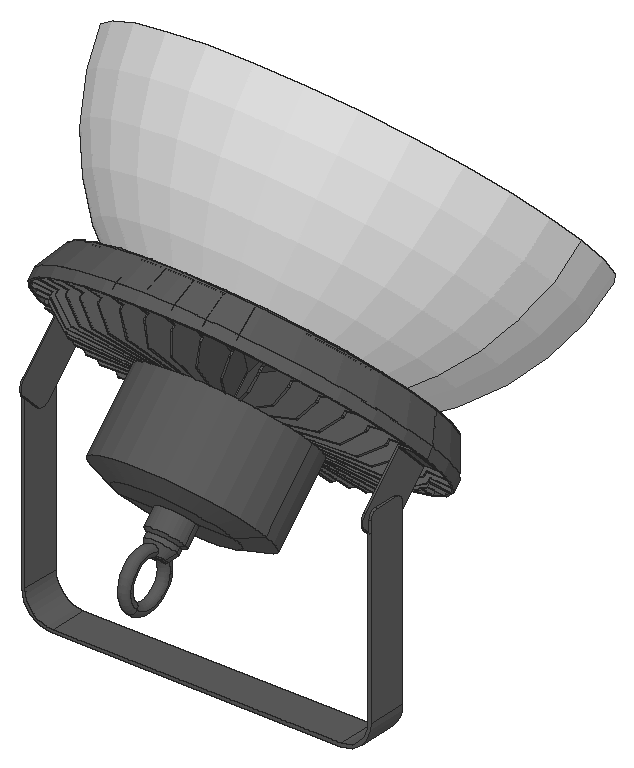
Revit family "0039349+0039355+0039359 Feilo Sylvania Lighting Fixture START HIGHBAY 4K 26KLM WIDE with BRACKET and ALU SHADE ALU COLOR", category Lighting Fixtures, host Face, Revit 2017
Family settings
  Host = Face
  Round Connector Dimension = Use Diameter
  Part Type = Normal
  OmniClass Number = 23.80.70.00
  OmniClass Title = Lighting
  Cut with Voids When Loaded = No
  Light Source = No
  Shared = No
  Room Calculation Point = No
Parameters (values of type "0039349+0039355+0039359 START HIGHBAY 4K 26KLM WIDE with BRACKET and ALU SHADE ALU COLOR")
  Weight = "3.7 kg"
  Wattage Comments = ""
  WarrantyStartDate [instance] = "n/a"
  WarrantyGuarantorParts = "n/a"
  WarrantyDurationUnit = "n/a"
  WarrantyDurationParts = "n/a"
  WarrantyDescription = "n/a"
  Voltage = 230 V
  URL = "http://www.sylvania-lighting.com"
  TypeName = "START HIGHBAY 4K 26KLM WIDE with BRACKET and ALU SHADE ALU COLOR"
  TypeHead_FEILO = Start LED Highbay Head : 0039349+0039355+0039359 START HIGHBAY 4K 26KLM WIDE with BRACKET and ALU SHADE ALU COLOR
  Type Image = <None>
  Type Comments = "n/a"
  TiltAngle_FEILO [instance] = 45.00°
  ThicknessBracketPlate_FEILO = 3 mm
  SizeBracketS_FEILO = no
  SizeBracketM_FEILO = no
  SerialNumber [instance] = "n/a"
  RadiusBracketTop_FEILO = 7 mm
  RadiusBendOut_FEILO = if(SizeBracketS_FEILO, 18 mm, if(SizeBracketM_FEILO, 24 mm, 28 mm))  # 28 mm
  RadiusBendIn_FEILO = RadiusBendOut_FEILO - ThicknessBracketPlate_FEILO  # 25 mm
  Material_3_FEILO = none
  PowerFactor = 0.95
  PowerConsumption = "200 W"
  NominalLength = 339 mm
  NominalHeight = 194 mm
  NominalDepth = 339 mm
  Name = "START HIGHBAY 4K 26KLM WIDE with BRACKET and ALU SHADE ALU COLOR"
  ModelReference = Name  # "START HIGHBAY 4K 26KLM WIDE with BRACKET and ALU SHADE ALU COLOR"
  ModelNumber = "0039349+0039355+0039359"
  Model = Name  # "START HIGHBAY 4K 26KLM WIDE with BRACKET and ALU SHADE ALU COLOR"
  Material = "aluminium alloy housing, polycarbonate diffuser"
  ManufacturerName = "Feilo Sylvania"
  Manufacturer = "Feilo Sylvania"
  LuminousEfficacy = "130 lm/W"
  LuminaireType = ""
  LightOutputRatio = "n/a"
  LampsType = Lamp  # "LED"
  LampNominalLuminous = "26000 lm"
  LampMacAdamStep = "n/a"
  LampColourTemperature = "4000 K"
  LampColourRenderingIndex = "80"
  Lamp = "LED"
  Keynote = "16500"
  InstallationDate [instance] = "n/a"
  InputVoltage = "220-240V~"
  InputNominalFrequency = "50/60 Hz"
  IngressProtection = "IP65"
  ImpactProtectionIndex = "IK08"
  IfcExportType = "IfcLightFixtureType"
  IfcExportAs = "IfcLightFixtureType"
  ExpectedLife = 50000
  EndAngle_FEILO [instance] = TiltAngle_FEILO + 180.00°  # 225.00°
  ElectricShockClassification = "Class I"
  DurationUnit = "hours"
  DocumentationLiterature = "http://www.sylvania-lighting.com/product/en-int/products/0039349"
  DimmingControlOptions = "n/a"
  Material_2_FEILO = none
  Description = "START HIGHBAY, includes 1 m cables, black aluminium housing, 26000LM, 200W, 130lm/W, 4000K, Driver current: 5000mA, CR80, 90° beam angle, 1-10V dimmable,  IP65, IK08, 50,000 hrs (L70B50), (LxWxH) 339x339x194mm"
  Default Elevation = 1219.2 mm
  CreatedOn = "2/28/2018"
  CreatedBy = ""
  Cost = 0
  built-in parameter 1114216 [instance] = (empty or 0)
  ClassificationValue = "EF_70_80"
  ClassificationName = "Uniclass2015"
  Material_1_FEILO = Body-Sylvania-StartHighbay-Black
  BracketHeight_FEILO = if(SizeBracketS_FEILO, 199.5 mm, if(SizeBracketM_FEILO, 209.6 mm, 201.3 mm))  # 201.3 mm
  BracketDistanceInner_FEILO = if(SizeBracketS_FEILO, 249.4 mm, if(SizeBracketM_FEILO, 273.6 mm, 313.2 mm))  # 313.2 mm
  BarCode [instance] = "n/a"
  AssetType = "Fixed"
  AssetIdentifier [instance] = "n/a"
  Assembly Code = "D5020200"
  Apparent Load = 200 VA
  Material_4_FEILO = none
Reference planes
  plane 1 "Center (Front/Back)": y = 0
  plane 2: z = 0
  plane 3 "Center (Left/Right)": x = 0
  plane 4: x = -159.6
  plane 5: x = 159.6
  plane 6: z = 201.3
  plane 7: x = -156.6
  plane 8: z = 3
  plane 9: x = 156.6
  plane 10: y = 17.5
  plane 11: y = -17.5
  plane 12: y = -19.5
  plane 13: z = 203.3
  plane 14: y = 19.5
  plane 15: z = 192.3
Forms (mm)
  Extrusion 1, solid, material "Body-Sylvania-StartHighbay-Black" <- "Material_1_FEILO"
    sketch origin (0, 0, 0) x (1, 0, 0) y (0, 0, 1)
      loop
        line (-159.6, 201.3) -> (-159.6, 28)
        arc (-159.6, 28) -> (-151.399, 8.201) -> (-131.6, 0) r 28
        line (-131.6, 0) -> (131.6, 0)
        arc (131.6, 0) -> (151.399, 8.201) -> (159.6, 28) r 28
        line (159.6, 28) -> (159.6, 201.3) -> (156.6, 201.3) -> (156.6, 28)
        arc (156.6, 28) -> (149.278, 10.322) -> (131.6, 3) r 25
        line (131.6, 3) -> (-131.6, 3)
        arc (-131.6, 3) -> (-149.278, 10.322) -> (-156.6, 28) r 25
        line (-156.6, 28) -> (-156.6, 201.3) -> (-159.6, 201.3)
    from -17.5 to 17.5
  Extrusion 2, void
    sketch origin (0, 0, 0) x (0, 1, 0) y (0, 0, 1)
      loop
        arc (10.5, 201.3) -> (15.45, 199.25) -> (17.5, 194.3) r 7
        line (17.5, 194.3) -> (19.5, 194.3) -> (19.5, 203.3) -> (-19.5, 203.3) -> (-19.5, 194.3) -> (-17.5, 194.3)
        arc (-17.5, 194.3) -> (-15.45, 199.25) -> (-10.5, 201.3) r 7
        line (-10.5, 201.3) -> (10.5, 201.3)
    from -159.6 to 159.6
  Revolve 3, solid, not visible
    sketch origin (1223.4, -4572, 192.3) x (0, -1, 0) y (1, 0, 0)
      loop
        line (-4572, -1223.4) -> (-4591.5, -1223.4) -> (-4591.5, -1277.783) -> (-4572, -1277.783) -> (-4572, -1223.4)
      axis (-4572, -1223.4) -> (-4572, -1277.783)
    angle from 45 <- "TiltAngle_FEILO" to 225 <- "EndAngle_FEILO"
Cuts and joins
  Extrusion 2 cuts Extrusion 1
Dimensions and locks
  "BracketHeight_FEILO": plane 6 to plane 2
  equal spacing: plane 11, plane 1 "Center (Front/Back)", plane 10
  locked: plane 11 to plane 10 at 35
  equal spacing: plane 9, plane 3 "Center (Left/Right)", plane 7
  "BracketDistanceInner_FEILO": plane 9 to plane 7
  "ThicknessBracketPlate_FEILO": plane 7 to plane 4
  "ThicknessBracketPlate_FEILO": plane 8 to plane 2
  equal spacing: plane 5, plane 3 "Center (Left/Right)", plane 4
  equal spacing: plane 12, plane 1 "Center (Front/Back)", plane 14
  locked: plane 6 to plane 13 at 2
  locked: plane 12 to plane 11 at 2
  locked: plane 6 to plane 15 at 9
  "RadiusBendOut_FEILO": radius of Extrusion 1 sketch curve  (x2)
  "RadiusBendIn_FEILO": radius of Extrusion 1 sketch curve  (x2)
  "RadiusBracketTop_FEILO": radius of Extrusion 2 sketch curve  (x2)
  aligned and locked: plane 2 to host face
  aligned and locked: level to host face
  aligned and locked: Extrusion 1 sketch curve to plane 4
  aligned and locked: Extrusion 1 sketch curve to level
  aligned and locked: plane 6 to Extrusion 1 sketch curve
  aligned and locked: Extrusion 1 sketch curve to plane 6
  aligned and locked: Extrusion 1 sketch curve to plane 7
  aligned and locked: plane 9 to Extrusion 1 sketch curve
  aligned and locked: plane 8 to Extrusion 1 sketch curve
  aligned and locked: Extrusion 1 to plane 10
  aligned and locked: plane 11 to Extrusion 1
  aligned and locked: Extrusion 1 to Extrusion 2 sketch curve
  aligned and locked: plane 14 to Extrusion 2 sketch curve  (x2)
  aligned and locked: Extrusion 2 sketch curve to plane 12
  aligned and locked: plane 13 to Extrusion 2 sketch curve
  aligned and locked: plane 5 to Extrusion 2
  aligned and locked: Extrusion 2 to plane 4
  aligned and locked: Revolve 3 sketch curve to plane 1 "Center (Front/Back)"
  aligned and locked: Revolve 3 sketch curve to Revolve 3 sketch curve
  aligned and locked: plane 3 "Center (Left/Right)" to Revolve 3 sketch curve
  aligned and locked: Revolve 3 sketch curve to plane 14
  aligned and locked: nested 1 to plane 3 "Center (Left/Right)"
Automatic sketch dimensions
  host sketch curve to host sketch curve = 2438.4 mm  (x2)
  Revolve 3 sketch curve to Revolve 3 sketch curve = 54.383 mm
  Revolve 3 sketch curve to plane 4 = 1396.3 mm
  plane 5 to Revolve 3 sketch curve = 1396.3 mm
  Extrusion 1 sketch curve to Extrusion 1 sketch curve = 0 mm
  Extrusion 2 sketch curve to plane 11 = 0 mm
  Extrusion 2 sketch curve to plane 10 = 0 mm
Nested families
  nested 1: "Start LED Highbay Head" at (0, 0, 192.3) x (-1, 0, 0) z (0, 0.7071, 0.7071), type <- "TypeHead_FEILO", type "0039349+0039355+0039359 START HIGHBAY 4K 26KLM WIDE with BRACKET and ALU SHADE ALU COLOR"
    with built-in parameter 1114216 (empty or 0)
Connectors
  electrical at (0, 0, 0), driven by "Apparent Load", driven by "PowerFactor", driven by "Voltage"
    settings: index 1, voltage 230 V, apparent load 200 VA, apparent load phase1 0 VA, apparent load phase2 0 VA, apparent load phase3 0 VA, power factor 0.95, load classification "Lighting", number of poles 1, system type 30, power factor state 1, is connector primary yes, connector utility no, sub classification motor no, connector description ""
Definition of nested family "Start LED Highbay Head"
  Parameters (values of type "0039351+0039354+0039358 START HIGHBAY 6K 19KLM WIDE with BRACKET and PC LAMPSHADE TRANSPARENT ")
    X_FEILO = if(SizeS_FEILO, 60.3 mm, if(SizeM_FEILO, 70.4 mm, 83.5 mm))  # 70.4 mm
    WidthStraight_FEILO = if(SizeS_FEILO, 3 mm, if(SizeM_FEILO, 4 mm, 4.7 mm))  # 4 mm
    WidthRingChamfer_FEILO = if(SizeS_FEILO, 10.3 mm, if(SizeM_FEILO, 11.2 mm, 12.9 mm))  # 11.2 mm
    WidthCurved_FEILO = if(SizeS_FEILO, 17.4 mm, if(SizeM_FEILO, 16.4 mm, 26.2 mm))  # 16.4 mm
    WidthCurvedRing_FEILO = if(SizeS_FEILO, 3 mm, if(SizeM_FEILO, 4 mm, 4.7 mm))  # 4 mm
    WidthBracket_FEILO = 40 mm
    Wattage Comments = ""
    Wattage = 150 W
    built-in parameter 1150110 = 1 (stored number, unit not read)
    URL = "http://www.feilosylvania.com"
    Type Image = (empty or 0)
    Type Comments = "n/a"
    built-in parameter 1114217 = 1 (stored number, unit not read)
    Tilt Angle = -90.00°
    ThicknessWall_FEILO = 1.5 mm
    ThicknessBracket_FEILO = 1.5 mm
    ThicknessBracketHalf_FEILO = ThicknessBracket_FEILO / 2  # 0.75 mm
    built-in parameter 1150109 = 1 (stored number, unit not read)
    built-in parameter 1150134 = 1
    built-in parameter 1150113 = 1 (stored number, unit not read)
    SizeS_FEILO = no
    SizeM_FEILO = yes
    ShadeThickness_FEILO = 3 mm
    ShadeSizeSM_FEILO = or(SizeS_FEILO, SizeM_FEILO)  # yes
    ShadeRadiusOut_FEILO = 205 mm
    ShadeRadiusIn_FEILO = if(ShadeSizeSM_FEILO, 95 mm, 121 mm)  # 95 mm
    ShadeRadiusBend_FEILO = if(ShadeSizeSM_FEILO, 210 mm, 210 mm)  # 210 mm
    ShadeOn_FEILO = yes
    ShadeHeight_FEILO = if(ShadeSizeSM_FEILO, 120 mm, 151 mm)  # 120 mm
    Rib4_FEILO = if(SizeS_FEILO, 18.1 mm, if(SizeM_FEILO, 13.6 mm, 14.6 mm))  # 13.6 mm
    Rib3_FEILO = if(SizeS_FEILO, 15.3 mm, if(SizeM_FEILO, 17.6 mm, 20.2 mm))  # 17.6 mm
    Rib2_FEILO = if(SizeS_FEILO, 3.6 mm, if(SizeM_FEILO, 3.9 mm, 4.5 mm))  # 3.9 mm
    Rib1_FEILO = if(SizeS_FEILO, 15.1 mm, if(SizeM_FEILO, 16.5 mm, 19 mm))  # 16.5 mm
    RadiusDiffuser_FEILO = if(SizeS_FEILO, 95.2 mm, if(SizeM_FEILO, 105.3 mm, 120 mm))  # 105.3 mm
    RadiusArrayPost_FEILO = DriverRadius_FEILO - 6 mm  # 61.2 mm
    RHRadius3_FEILO = if(SizeS_FEILO, 6.6 mm, if(SizeM_FEILO, 7.4 mm, 8.6 mm))  # 7.4 mm
    RHRadius2_FEILO = if(SizeS_FEILO, 11 mm, if(SizeM_FEILO, 12 mm, 14 mm))  # 12 mm
    RHRadius1_FEILO = if(SizeS_FEILO, 13.6 mm, if(SizeM_FEILO, 14.9 mm, 17.7 mm))  # 14.9 mm
    RHHeight4_FEILO = if(SizeS_FEILO, 7.3 mm, if(SizeM_FEILO, 8 mm, 9.2 mm))  # 8 mm
    RHHeight3_FEILO = if(SizeS_FEILO, 3.6 mm, if(SizeM_FEILO, 3.7 mm, 4.6 mm))  # 3.7 mm
    RHHeight2_FEILO = if(SizeS_FEILO, 2 mm, if(SizeM_FEILO, 2.2 mm, 2.6 mm))  # 2.2 mm
    RHHeight1_FEILO = if(SizeS_FEILO, 11.8 mm, if(SizeM_FEILO, 15.3 mm, 17.4 mm))  # 15.3 mm
    Photometric Web File = "0039351+0039358.ies"
    Material_5_FEILO = none
    Material_3_FEILO = none
    Model = "START HIGHBAY 6K 19KLM WIDE with BRACKET and PC LAMPSHADE TRANSPARENT"
    Manufacturer = "Feilo Sylvania"
    built-in parameter 1150105 = 10854.2 (stored number, unit not read)
    Lumens = 19500 lm
    built-in parameter 1150115 = 1 (stored number, unit not read)
    built-in parameter 1150137 = (empty or 0)
    built-in parameter 1150139 = (empty or 0)
    built-in parameter 1150112 = 1 (stored number, unit not read)
    built-in parameter 1150114 = 1 (stored number, unit not read)
    Lamp = "LED"
    Keynote = "16500"
    built-in parameter 1150132 = (empty or 0)
    built-in parameter 1150102 = (empty or 0)
    built-in parameter 1150107 = 6500 (stored number, unit not read)
    built-in parameter 1150138 = (empty or 0)
    built-in parameter 1150106 = 108.54 (stored number, unit not read)
    HeightRing_FEILO = if(SizeS_FEILO, 19.8 mm, if(SizeM_FEILO, 32 mm, 36.8 mm))  # 32 mm
    HeightRingChamfer_FEILO = if(SizeS_FEILO, 11.7 mm, if(SizeM_FEILO, 23.2 mm, 26.6 mm))  # 23.2 mm
    EyeThickness_FEILO = if(SizeS_FEILO, 8.4 mm, if(SizeM_FEILO, 9.2 mm, 10.5 mm))  # 9.2 mm
    EyeThicknessHalf_FEILO = EyeThickness_FEILO / 2  # 4.6 mm
    EyeInner_FEILO = if(SizeS_FEILO, 13.8 mm, if(SizeM_FEILO, 15.1 mm, 17.3 mm))  # 15.1 mm
    Emit from Circle Diameter = RadiusDiffuser_FEILO * 2  # 210.6 mm
    Emit Shape Visible in Rendering = no
    built-in parameter 1150104 = 12.077 (stored number, unit not read)
    DriverVerticalStraight_FEILO = if(SizeS_FEILO, 46.5 mm, if(SizeM_FEILO, 49.7 mm, 57 mm))  # 49.7 mm
    DriverVerticalChamfer_FEILO = if(SizeS_FEILO, 7.5 mm, if(SizeM_FEILO, 8.2 mm, 9.5 mm))  # 8.2 mm
    DriverRadius_FEILO = if(SizeS_FEILO, 61.4 mm, if(SizeM_FEILO, 67.2 mm, 76.4 mm))  # 67.2 mm
    DriverRadiusTop_FEILO = if(SizeS_FEILO, 42 mm, if(SizeM_FEILO, 45.3 mm, 52.4 mm))  # 45.3 mm
    DriverBottom_FEILO = if(SizeS_FEILO, 56 mm, if(SizeM_FEILO, 64.5 mm, 74 mm))  # 64.5 mm
    Material_2_FEILO = none
    Radius_FEILO = if(SizeS_FEILO, 135 mm, if(SizeM_FEILO, 148 mm, 169.5 mm))  # 148 mm
    Dimming Lamp Color Temperature Shift = (empty or 0)
    DiameterWire_FEILO = 3 mm
    DiameterWireSupport_FEILO = 10 mm
    Description = "START HIGHBAY, includes 1 m cables, black aluminium housing, 19500LM, 150W, 130lm/W, 6500K, Driver current: 2140mA, CR80, 60° beam angle, 1-10V dimmable,  IP65, IK08, 50,000 hrs (L70B50), (LxWxH) 296x296x177mm"
    Default Elevation = 1219.2 mm
    Cost = 0
    Color Filter = 16777215
    built-in parameter 1114216 [instance] = (empty or 0)
    Material_1_FEILO = none
    built-in parameter 1114218 = 1 (stored number, unit not read)
    built-in parameter 1150133 = 10 (stored number, unit not read)
    Assembly Code = "D5020200"
    Apparent Load = 150 VA
    Material_4_FEILO = none
  Types (36, lengths in mm): name | X_FEILO | WidthStraight_FEILO | WidthRingChamfer_FEILO | WidthCurved_FEILO | WidthCurvedRing_FEILO | Wattage | built-in parameter 1150134 | SizeS_FEILO | SizeM_FEILO | ShadeSizeSM_FEILO | ShadeRadiusIn_FEILO | ShadeOn_FEILO | ShadeHeight_FEILO | Rib4_FEILO | Rib3_FEILO | Rib2_FEILO | Rib1_FEILO | RadiusDiffuser_FEILO | RadiusArrayPost_FEILO | RHRadius3_FEILO | RHRadius2_FEILO | RHRadius1_FEILO | RHHeight4_FEILO | RHHeight3_FEILO | RHHeight2_FEILO | RHHeight1_FEILO | Photometric Web File | Model | built-in parameter 1150105 | Lumens | built-in parameter 1150107 | built-in parameter 1150106 | HeightRing_FEILO | HeightRingChamfer_FEILO | EyeThickness_FEILO | EyeThicknessHalf_FEILO | EyeInner_FEILO | Emit from Circle Diameter | DriverVerticalStraight_FEILO | DriverVerticalChamfer_FEILO | DriverRadius_FEILO | DriverRadiusTop_FEILO | DriverBottom_FEILO | Radius_FEILO | Description | Apparent Load
    0039352+0039355+0039361 START HIGHBAY 6K 26KLM WIDE with BRACKET and PC LAMPSHADE TRANSPARENT | 83.5 | 4.7 | 12.9 | 26.2 | 4.7 | 200 W | 1 | no | no | no | 121 | yes | 151 | 14.6 | 20.2 | 4.5 | 19 | 120 | 70.4 | 8.6 | 14 | 17.7 | 9.2 | 4.6 | 2.6 | 17.4 | "0039352+0039361.ies" | "START HIGHBAY 6K 26KLM WIDE with BRACKET and PC LAMPSHADE TRANSPARENT" | 17911 (stored number, unit not read) | 26000 lm | 6500 (stored number, unit not read) | 179.11 (stored number, unit not read) | 36.8 | 26.6 | 10.5 | 5.25 | 17.3 | 240 | 57 | 9.5 | 76.4 | 52.4 | 74 | 169.5 | "START HIGHBAY, includes 1 m cables, black aluminium housing, 26000LM, 200W, 130lm/W, 6500K, Driver current: 5000mA, CR80, 60° beam angle, 1-10V dimmable,  IP65, IK08, 50,000 hrs (L70B50), (LxWxH) 339x339x194mm" | 200 VA
    0039352+0039355+0039360 START HIGHBAY 6K 26KLM WIDE with BRACKET and ALU SHADE BLACK COLOR | 83.5 | 4.7 | 12.9 | 26.2 | 4.7 | 200 W | 1 | no | no | no | 121 | yes | 151 | 14.6 | 20.2 | 4.5 | 19 | 120 | 70.4 | 8.6 | 14 | 17.7 | 9.2 | 4.6 | 2.6 | 17.4 | "0039352+0039360.ies" | "START HIGHBAY 6K 26KLM WIDE with BRACKET and ALU SHADE BLACK COLOR" | 14870 (stored number, unit not read) | 26000 lm | 6500 (stored number, unit not read) | 148.7 (stored number, unit not read) | 36.8 | 26.6 | 10.5 | 5.25 | 17.3 | 240 | 57 | 9.5 | 76.4 | 52.4 | 74 | 169.5 | "START HIGHBAY, includes 1 m cables, black aluminium housing, 26000LM, 200W, 130lm/W, 6500K, Driver current: 5000mA, CR80, 60° beam angle, 1-10V dimmable,  IP65, IK08, 50,000 hrs (L70B50), (LxWxH) 339x339x194mm" | 200 VA
    0039352+0039355+0039359 START HIGHBAY 6K 26KLM WIDE with BRACKET and ALU SHADE ALU COLOR | 83.5 | 4.7 | 12.9 | 26.2 | 4.7 | 200 W | 1 | no | no | no | 121 | yes | 151 | 14.6 | 20.2 | 4.5 | 19 | 120 | 70.4 | 8.6 | 14 | 17.7 | 9.2 | 4.6 | 2.6 | 17.4 | "0039352+0039359.ies" | "START HIGHBAY 6K 26KLM WIDE with BRACKET and ALU SHADE ALU COLOR" | 14870 (stored number, unit not read) | 26000 lm | 6500 (stored number, unit not read) | 148.7 (stored number, unit not read) | 36.8 | 26.6 | 10.5 | 5.25 | 17.3 | 240 | 57 | 9.5 | 76.4 | 52.4 | 74 | 169.5 | "START HIGHBAY, includes 1 m cables, black aluminium housing, 26000LM, 200W, 130lm/W, 6500K, Driver current: 5000mA, CR80, 60° beam angle, 1-10V dimmable,  IP65, IK08, 50,000 hrs (L70B50), (LxWxH) 339x339x194mm" | 200 VA
    0039352+0039355 START HIGHBAY 6K 26KLM WIDE with BRACKET | 83.5 | 4.7 | 12.9 | 26.2 | 4.7 | 200 W | 1 | no | no | no | 121 | no | 151 | 14.6 | 20.2 | 4.5 | 19 | 120 | 70.4 | 8.6 | 14 | 17.7 | 9.2 | 4.6 | 2.6 | 17.4 | "0039352.ies" | "START HIGHBAY 6K 26KLM WIDE with BRACKET" | 13836.2 (stored number, unit not read) | 26000 lm | 6500 (stored number, unit not read) | 138.36 (stored number, unit not read) | 36.8 | 26.6 | 10.5 | 5.25 | 17.3 | 240 | 57 | 9.5 | 76.4 | 52.4 | 74 | 169.5 | "START HIGHBAY, includes 1 m cables, black aluminium housing, 26000LM, 200W, 130lm/W, 6500K, Driver current: 5000mA, CR80, 60° beam angle, 1-10V dimmable,  IP65, IK08, 50,000 hrs (L70B50), (LxWxH) 339x339x194mm" | 200 VA
    0039351+0039354+0039358 START HIGHBAY 6K 19KLM WIDE with BRACKET and PC LAMPSHADE TRANSPARENT | 70.4 | 4 | 11.2 | 16.4 | 4 | 150 W | 1 | no | yes | yes | 95 | yes | 120 | 13.6 | 17.6 | 3.9 | 16.5 | 105.3 | 61.2 | 7.4 | 12 | 14.9 | 8 | 3.7 | 2.2 | 15.3 | "0039351+0039358.ies" | "START HIGHBAY 6K 19KLM WIDE with BRACKET and PC LAMPSHADE TRANSPARENT" | 10854.2 (stored number, unit not read) | 19500 lm | 6500 (stored number, unit not read) | 108.54 (stored number, unit not read) | 32 | 23.2 | 9.2 | 4.6 | 15.1 | 210.6 | 49.7 | 8.2 | 67.2 | 45.3 | 64.5 | 148 | "START HIGHBAY, includes 1 m cables, black aluminium housing, 19500LM, 150W, 130lm/W, 6500K, Driver current: 2140mA, CR80, 60° beam angle, 1-10V dimmable,  IP65, IK08, 50,000 hrs (L70B50), (LxWxH) 296x296x177mm" | 150 VA
    0039351+0039354+0039357 START HIGHBAY 6K 19KLM WIDE with BRACKET and ALU SHADE BLACK COLOR | 70.4 | 4 | 11.2 | 16.4 | 4 | 150 W | 1 | no | yes | yes | 95 | yes | 120 | 13.6 | 17.6 | 3.9 | 16.5 | 105.3 | 61.2 | 7.4 | 12 | 14.9 | 8 | 3.7 | 2.2 | 15.3 | "0039351+0039357.ies" | "START HIGHBAY 6K 19KLM WIDE with BRACKET and ALU SHADE BLACK COLOR" | 11152.5 (stored number, unit not read) | 19500 lm | 6500 (stored number, unit not read) | 111.52 (stored number, unit not read) | 32 | 23.2 | 9.2 | 4.6 | 15.1 | 210.6 | 49.7 | 8.2 | 67.2 | 45.3 | 64.5 | 148 | "START HIGHBAY, includes 1 m cables, black aluminium housing, 19500LM, 150W, 130lm/W, 6500K, Driver current: 2140mA, CR80, 60° beam angle, 1-10V dimmable,  IP65, IK08, 50,000 hrs (L70B50), (LxWxH) 296x296x177mm" | 150 VA
    0039351+0039354+0039356 START HIGHBAY 6K 19KLM WIDE with BRACKET and ALU SHADE ALU COLOR | 70.4 | 4 | 11.2 | 16.4 | 4 | 150 W | 1 | no | yes | yes | 95 | yes | 120 | 13.6 | 17.6 | 3.9 | 16.5 | 105.3 | 61.2 | 7.4 | 12 | 14.9 | 8 | 3.7 | 2.2 | 15.3 | "0039351+0039356.ies" | "START HIGHBAY 6K 19KLM WIDE with BRACKET and ALU SHADE ALU COLOR" | 11152.5 (stored number, unit not read) | 19500 lm | 6500 (stored number, unit not read) | 111.52 (stored number, unit not read) | 32 | 23.2 | 9.2 | 4.6 | 15.1 | 210.6 | 49.7 | 8.2 | 67.2 | 45.3 | 64.5 | 148 | "START HIGHBAY, includes 1 m cables, black aluminium housing, 19500LM, 150W, 130lm/W, 6500K, Driver current: 2140mA, CR80, 60° beam angle, 1-10V dimmable,  IP65, IK08, 50,000 hrs (L70B50), (LxWxH) 296x296x177mm" | 150 VA
    0039351+0039354 START HIGHBAY 6K 19KLM WIDE with BRACKET | 70.4 | 4 | 11.2 | 16.4 | 4 | 150 W | 1 | no | yes | yes | 95 | no | 120 | 13.6 | 17.6 | 3.9 | 16.5 | 105.3 | 61.2 | 7.4 | 12 | 14.9 | 8 | 3.7 | 2.2 | 15.3 | "0039351.ies" | "START HIGHBAY 6K 19KLM WIDE with BRACKET" | 10377.1 (stored number, unit not read) | 19500 lm | 6500 (stored number, unit not read) | 103.77 (stored number, unit not read) | 32 | 23.2 | 9.2 | 4.6 | 15.1 | 210.6 | 49.7 | 8.2 | 67.2 | 45.3 | 64.5 | 148 | "START HIGHBAY, includes 1 m cables, black aluminium housing, 19500LM, 150W, 130lm/W, 6500K, Driver current: 2140mA, CR80, 60° beam angle, 1-10V dimmable,  IP65, IK08, 50,000 hrs (L70B50), (LxWxH) 296x296x177mm" | 150 VA
    0039350+0039353+0039358 START HIGHBAY 6K 13KLM WIDE with BRACKET and PC LAMPSHADE TRANSPARENT | 60.3 | 3 | 10.3 | 17.4 | 3 | 100 W | 1 | yes | no | yes | 95 | yes | 120 | 18.1 | 15.3 | 3.6 | 15.1 | 95.2 | 55.4 | 6.6 | 11 | 13.6 | 7.3 | 3.6 | 2 | 11.8 | "0039350+0039358.ies" | "START HIGHBAY 6K 13KLM WIDE with BRACKET and PC LAMPSHADE TRANSPARENT" | 7236.1 (stored number, unit not read) | 13000 lm | 6500 (stored number, unit not read) | 72.361 (stored number, unit not read) | 19.8 | 11.7 | 8.4 | 4.2 | 13.8 | 190.4 | 46.5 | 7.5 | 61.4 | 42 | 56 | 135 | "START HIGHBAY, includes 1 m cables, black aluminium housing, 13000LM, 100W, 130lm/W, 6500K, Driver current: 2140mA, CR80, 60° beam angle, 1-10V dimmable,  IP65, IK08, 50,000 hrs (L70B50), (LxWxH) 270x270x170mm" | 100 VA
    0039350+0039353+0039357 START HIGHBAY 6K 13KLM WIDE with BRACKET and ALU SHADE BLACK COLOR | 60.3 | 3 | 10.3 | 17.4 | 3 | 100 W | 1 | yes | no | yes | 95 | yes | 120 | 18.1 | 15.3 | 3.6 | 15.1 | 95.2 | 55.4 | 6.6 | 11 | 13.6 | 7.3 | 3.6 | 2 | 11.8 | "0039350+0039357.ies" | "START HIGHBAY 6K 13KLM WIDE with BRACKET and ALU SHADE BLACK COLOR" | 7435 (stored number, unit not read) | 13000 lm | 6500 (stored number, unit not read) | 74.35 (stored number, unit not read) | 19.8 | 11.7 | 8.4 | 4.2 | 13.8 | 190.4 | 46.5 | 7.5 | 61.4 | 42 | 56 | 135 | "START HIGHBAY, includes 1 m cables, black aluminium housing, 13000LM, 100W, 130lm/W, 6500K, Driver current: 2140mA, CR80, 60° beam angle, 1-10V dimmable,  IP65, IK08, 50,000 hrs (L70B50), (LxWxH) 270x270x170mm" | 100 VA
    0039350+0039353+0039356 START HIGHBAY 6K 13KLM WIDE with BRACKET and ALU SHADE ALU COLOR | 60.3 | 3 | 10.3 | 17.4 | 3 | 100 W | 1 | yes | no | yes | 95 | yes | 120 | 18.1 | 15.3 | 3.6 | 15.1 | 95.2 | 55.4 | 6.6 | 11 | 13.6 | 7.3 | 3.6 | 2 | 11.8 | "0039350+0039356.ies" | "START HIGHBAY 6K 13KLM WIDE with BRACKET and ALU SHADE ALU COLOR" | 7435 (stored number, unit not read) | 13000 lm | 6500 (stored number, unit not read) | 74.35 (stored number, unit not read) | 19.8 | 11.7 | 8.4 | 4.2 | 13.8 | 190.4 | 46.5 | 7.5 | 61.4 | 42 | 56 | 135 | "START HIGHBAY, includes 1 m cables, black aluminium housing, 13000LM, 100W, 130lm/W, 6500K, Driver current: 2140mA, CR80, 60° beam angle, 1-10V dimmable,  IP65, IK08, 50,000 hrs (L70B50), (LxWxH) 270x270x170mm" | 100 VA
    0039350+0039353 START HIGHBAY 6K 13KLM WIDE with BRACKET | 60.3 | 3 | 10.3 | 17.4 | 3 | 100 W | 1 | yes | no | yes | 95 | no | 120 | 18.1 | 15.3 | 3.6 | 15.1 | 95.2 | 55.4 | 6.6 | 11 | 13.6 | 7.3 | 3.6 | 2 | 11.8 | "0039350.ies" | "START HIGHBAY 6K 13KLM WIDE with BRACKET" | 6918.1 (stored number, unit not read) | 13000 lm | 6500 (stored number, unit not read) | 69.181 (stored number, unit not read) | 19.8 | 11.7 | 8.4 | 4.2 | 13.8 | 190.4 | 46.5 | 7.5 | 61.4 | 42 | 56 | 135 | "START HIGHBAY, includes 1 m cables, black aluminium housing, 13000LM, 100W, 130lm/W, 6500K, Driver current: 2140mA, CR80, 60° beam angle, 1-10V dimmable,  IP65, IK08, 50,000 hrs (L70B50), (LxWxH) 270x270x170mm" | 100 VA
    0039349+0039355+0039361 START HIGHBAY 4K 26KLM WIDE with BRACKET and PC LAMPSHADE TRANSPARENT FOR | 83.5 | 4.7 | 12.9 | 26.2 | 4.7 | 200 W | 12 | no | no | no | 121 | yes | 151 | 14.6 | 20.2 | 4.5 | 19 | 120 | 70.4 | 8.6 | 14 | 17.7 | 9.2 | 4.6 | 2.6 | 17.4 | "0039349+0039361.ies" | "START HIGHBAY 4K 26KLM WIDE with BRACKET and PC LAMPSHADE TRANSPARENT FOR" | 17911 (stored number, unit not read) | 26000 lm | 4000 (stored number, unit not read) | 179.11 (stored number, unit not read) | 36.8 | 26.6 | 10.5 | 5.25 | 17.3 | 240 | 57 | 9.5 | 76.4 | 52.4 | 74 | 169.5 | "START HIGHBAY, includes 1 m cables, black aluminium housing, 26000LM, 200W, 130lm/W, 4000K, Driver current: 5000mA, CR80, 90° beam angle, 1-10V dimmable,  IP65, IK08, 50,000 hrs (L70B50), (LxWxH) 339x339x194mm" | 200 VA
    0039349+0039355+0039360 START HIGHBAY 4K 26KLM WIDE with BRACKET and ALU SHADE BLACK COLOR | 83.5 | 4.7 | 12.9 | 26.2 | 4.7 | 200 W | 12 | no | no | no | 121 | yes | 151 | 14.6 | 20.2 | 4.5 | 19 | 120 | 70.4 | 8.6 | 14 | 17.7 | 9.2 | 4.6 | 2.6 | 17.4 | "0039349+0039360.ies" | "START HIGHBAY 4K 26KLM WIDE with BRACKET and ALU SHADE BLACK COLOR" | 14870 (stored number, unit not read) | 26000 lm | 4000 (stored number, unit not read) | 148.7 (stored number, unit not read) | 36.8 | 26.6 | 10.5 | 5.25 | 17.3 | 240 | 57 | 9.5 | 76.4 | 52.4 | 74 | 169.5 | "START HIGHBAY, includes 1 m cables, black aluminium housing, 26000LM, 200W, 130lm/W, 4000K, Driver current: 5000mA, CR80, 90° beam angle, 1-10V dimmable,  IP65, IK08, 50,000 hrs (L70B50), (LxWxH) 339x339x194mm" | 200 VA
    0039349+0039355+0039359 START HIGHBAY 4K 26KLM WIDE with BRACKET and ALU SHADE ALU COLOR | 83.5 | 4.7 | 12.9 | 26.2 | 4.7 | 200 W | 12 | no | no | no | 121 | yes | 151 | 14.6 | 20.2 | 4.5 | 19 | 120 | 70.4 | 8.6 | 14 | 17.7 | 9.2 | 4.6 | 2.6 | 17.4 | "0039349+0039359.ies" | "START HIGHBAY 4K 26KLM WIDE with BRACKET and ALU SHADE ALU COLOR" | 14870 (stored number, unit not read) | 26000 lm | 4000 (stored number, unit not read) | 148.7 (stored number, unit not read) | 36.8 | 26.6 | 10.5 | 5.25 | 17.3 | 240 | 57 | 9.5 | 76.4 | 52.4 | 74 | 169.5 | "START HIGHBAY, includes 1 m cables, black aluminium housing, 26000LM, 200W, 130lm/W, 4000K, Driver current: 5000mA, CR80, 90° beam angle, 1-10V dimmable,  IP65, IK08, 50,000 hrs (L70B50), (LxWxH) 339x339x194mm" | 200 VA
    0039349+0039355 START HIGHBAY 4K 26KLM WIDE with BRACKET | 83.5 | 4.7 | 12.9 | 26.2 | 4.7 | 200 W | 12 | no | no | no | 121 | no | 151 | 14.6 | 20.2 | 4.5 | 19 | 120 | 70.4 | 8.6 | 14 | 17.7 | 9.2 | 4.6 | 2.6 | 17.4 | "0039349.ies" | "START HIGHBAY 4K 26KLM WIDE with BRACKET" | 13836.2 (stored number, unit not read) | 26000 lm | 4000 (stored number, unit not read) | 138.36 (stored number, unit not read) | 36.8 | 26.6 | 10.5 | 5.25 | 17.3 | 240 | 57 | 9.5 | 76.4 | 52.4 | 74 | 169.5 | "START HIGHBAY, includes 1 m cables, black aluminium housing, 26000LM, 200W, 130lm/W, 4000K, Driver current: 5000mA, CR80, 90° beam angle, 1-10V dimmable,  IP65, IK08, 50,000 hrs (L70B50), (LxWxH) 339x339x194mm" | 200 VA
    0039348+0039354+0039358 START HIGHBAY 4K 19KLM WIDE with BRACKET and PC LAMPSHADE TRANSPARENT | 70.4 | 4 | 11.2 | 16.4 | 4 | 150 W | 12 | no | yes | yes | 95 | yes | 120 | 13.6 | 17.6 | 3.9 | 16.5 | 105.3 | 61.2 | 7.4 | 12 | 14.9 | 8 | 3.7 | 2.2 | 15.3 | "0039348+0039358.ies" | "START HIGHBAY 4K 19KLM WIDE with BRACKET and PC LAMPSHADE TRANSPARENT" | 10854.2 (stored number, unit not read) | 19500 lm | 4000 (stored number, unit not read) | 108.54 (stored number, unit not read) | 32 | 23.2 | 9.2 | 4.6 | 15.1 | 210.6 | 49.7 | 8.2 | 67.2 | 45.3 | 64.5 | 148 | "START HIGHBAY, includes 1 m cables, black aluminium housing, 19500LM, 150W, 130lm/W, 4000K, Driver current: 3210mA, CR80, 90° beam angle, 1-10V dimmable,  IP65, IK08, 50,000 hrs (L70B50), (LxWxH) 296x296x177mm" | 150 VA
    0039348+0039354+0039357 START HIGHBAY 4K 19KLM WIDE with BRACKET and ALU SHADE BLACK COLOR | 70.4 | 4 | 11.2 | 16.4 | 4 | 150 W | 12 | no | yes | yes | 95 | yes | 120 | 13.6 | 17.6 | 3.9 | 16.5 | 105.3 | 61.2 | 7.4 | 12 | 14.9 | 8 | 3.7 | 2.2 | 15.3 | "0039348+0039357.ies" | "START HIGHBAY 4K 19KLM WIDE with BRACKET and ALU SHADE BLACK COLOR" | 11152.5 (stored number, unit not read) | 19500 lm | 4000 (stored number, unit not read) | 111.52 (stored number, unit not read) | 32 | 23.2 | 9.2 | 4.6 | 15.1 | 210.6 | 49.7 | 8.2 | 67.2 | 45.3 | 64.5 | 148 | "START HIGHBAY, includes 1 m cables, black aluminium housing, 19500LM, 150W, 130lm/W, 4000K, Driver current: 3210mA, CR80, 90° beam angle, 1-10V dimmable,  IP65, IK08, 50,000 hrs (L70B50), (LxWxH) 296x296x177mm" | 150 VA
    0039348+0039354+0039356 START HIGHBAY 4K 19KLM WIDE with BRACKET and ALU SHADE ALU COLOR | 70.4 | 4 | 11.2 | 16.4 | 4 | 150 W | 12 | no | yes | yes | 95 | yes | 120 | 13.6 | 17.6 | 3.9 | 16.5 | 105.3 | 61.2 | 7.4 | 12 | 14.9 | 8 | 3.7 | 2.2 | 15.3 | "0039348+0039356.ies" | "START HIGHBAY 4K 19KLM WIDE with BRACKET and ALU SHADE ALU COLOR" | 11152.5 (stored number, unit not read) | 19500 lm | 4000 (stored number, unit not read) | 111.52 (stored number, unit not read) | 32 | 23.2 | 9.2 | 4.6 | 15.1 | 210.6 | 49.7 | 8.2 | 67.2 | 45.3 | 64.5 | 148 | "START HIGHBAY, includes 1 m cables, black aluminium housing, 19500LM, 150W, 130lm/W, 4000K, Driver current: 3210mA, CR80, 90° beam angle, 1-10V dimmable,  IP65, IK08, 50,000 hrs (L70B50), (LxWxH) 296x296x177mm" | 150 VA
    0039348+0039354 START HIGHBAY 4K 19KLM WIDE with BRACKET | 70.4 | 4 | 11.2 | 16.4 | 4 | 150 W | 12 | no | yes | yes | 95 | no | 120 | 13.6 | 17.6 | 3.9 | 16.5 | 105.3 | 61.2 | 7.4 | 12 | 14.9 | 8 | 3.7 | 2.2 | 15.3 | "0039348.ies" | "START HIGHBAY 4K 19KLM WIDE with BRACKET" | 10377.1 (stored number, unit not read) | 19500 lm | 4000 (stored number, unit not read) | 103.77 (stored number, unit not read) | 32 | 23.2 | 9.2 | 4.6 | 15.1 | 210.6 | 49.7 | 8.2 | 67.2 | 45.3 | 64.5 | 148 | "START HIGHBAY, includes 1 m cables, black aluminium housing, 19500LM, 150W, 130lm/W, 4000K, Driver current: 3210mA, CR80, 90° beam angle, 1-10V dimmable,  IP65, IK08, 50,000 hrs (L70B50), (LxWxH) 296x296x177mm" | 150 VA
    0039347+0039353+0039358 START HIGHBAY 4K 13KLM WIDE with BRACKET and PC LAMPSHADE TRANSPARENT | 60.3 | 3 | 10.3 | 17.4 | 3 | 100 W | 12 | yes | no | yes | 95 | yes | 120 | 18.1 | 15.3 | 3.6 | 15.1 | 95.2 | 55.4 | 6.6 | 11 | 13.6 | 7.3 | 3.6 | 2 | 11.8 | "0039347+0039358.ies" | "START HIGHBAY 4K 13KLM WIDE with BRACKET and PC LAMPSHADE TRANSPARENT" | 7236.1 (stored number, unit not read) | 13000 lm | 4000 (stored number, unit not read) | 72.361 (stored number, unit not read) | 19.8 | 11.7 | 8.4 | 4.2 | 13.8 | 190.4 | 46.5 | 7.5 | 61.4 | 42 | 56 | 135 | "START HIGHBAY, includes 1 m cables, black aluminium housing, 13000LM, 100W, 130lm/W, 4000K, Driver current: 2140mA, CR80, 90° beam angle, 1-10V dimmable,  IP65, IK08, 50,000 hrs (L70B50), (LxWxH) 270x270x170mm" | 100 VA
    0039347+0039353+0039357 START HIGHBAY 4K 13KLM WIDE with BRACKET and ALU SHADE BLACK COLOR | 60.3 | 3 | 10.3 | 17.4 | 3 | 100 W | 12 | yes | no | yes | 95 | yes | 120 | 18.1 | 15.3 | 3.6 | 15.1 | 95.2 | 55.4 | 6.6 | 11 | 13.6 | 7.3 | 3.6 | 2 | 11.8 | "0039347+0039357.ies" | "START HIGHBAY 4K 13KLM WIDE with BRACKET and ALU SHADE BLACK COLOR" | 7435 (stored number, unit not read) | 13000 lm | 4000 (stored number, unit not read) | 74.35 (stored number, unit not read) | 19.8 | 11.7 | 8.4 | 4.2 | 13.8 | 190.4 | 46.5 | 7.5 | 61.4 | 42 | 56 | 135 | "START HIGHBAY, includes 1 m cables, black aluminium housing, 13000LM, 100W, 130lm/W, 4000K, Driver current: 2140mA, CR80, 90° beam angle, 1-10V dimmable,  IP65, IK08, 50,000 hrs (L70B50), (LxWxH) 270x270x170mm" | 100 VA
    0039347+0039353+0039356 START HIGHBAY 4K 13KLM WIDE with BRACKET and ALU SHADE ALU COLOR | 60.3 | 3 | 10.3 | 17.4 | 3 | 100 W | 12 | yes | no | yes | 95 | yes | 120 | 18.1 | 15.3 | 3.6 | 15.1 | 95.2 | 55.4 | 6.6 | 11 | 13.6 | 7.3 | 3.6 | 2 | 11.8 | "0039347+0039356.ies" | "START HIGHBAY 4K 13KLM WIDE with BRACKET and ALU SHADE ALU COLOR" | 7435 (stored number, unit not read) | 13000 lm | 4000 (stored number, unit not read) | 74.35 (stored number, unit not read) | 19.8 | 11.7 | 8.4 | 4.2 | 13.8 | 190.4 | 46.5 | 7.5 | 61.4 | 42 | 56 | 135 | "START HIGHBAY, includes 1 m cables, black aluminium housing, 13000LM, 100W, 130lm/W, 4000K, Driver current: 2140mA, CR80, 90° beam angle, 1-10V dimmable,  IP65, IK08, 50,000 hrs (L70B50), (LxWxH) 270x270x170mm" | 100 VA
    0039347+0039353 START HIGHBAY 4K 13KLM WIDE with BRACKET | 60.3 | 3 | 10.3 | 17.4 | 3 | 100 W | 12 | yes | no | yes | 95 | no | 120 | 18.1 | 15.3 | 3.6 | 15.1 | 95.2 | 55.4 | 6.6 | 11 | 13.6 | 7.3 | 3.6 | 2 | 11.8 | "0039347.ies" | "START HIGHBAY 4K 13KLM WIDE with BRACKET" | 6918.1 (stored number, unit not read) | 13000 lm | 4000 (stored number, unit not read) | 69.181 (stored number, unit not read) | 19.8 | 11.7 | 8.4 | 4.2 | 13.8 | 190.4 | 46.5 | 7.5 | 61.4 | 42 | 56 | 135 | "START HIGHBAY, includes 1 m cables, black aluminium housing, 13000LM, 100W, 130lm/W, 4000K, Driver current: 2140mA, CR80, 90° beam angle, 1-10V dimmable,  IP65, IK08, 50,000 hrs (L70B50), (LxWxH) 270x270x170mm" | 100 VA
    0039346+0039355+0039361 START HIGHBAY 4K 26KLM MEDIUM with BRACKET and PC LAMPSHADE TRANSPARENT | 83.5 | 4.7 | 12.9 | 26.2 | 4.7 | 200 W | 12 | no | no | no | 121 | yes | 151 | 14.6 | 20.2 | 4.5 | 19 | 120 | 70.4 | 8.6 | 14 | 17.7 | 9.2 | 4.6 | 2.6 | 17.4 | "0039346+0039361.ies" | "START HIGHBAY 4K 26KLM MEDIUM with BRACKET and PC LAMPSHADE TRANSPARENT" | 35142.4 (stored number, unit not read) | 26000 lm | 4000 (stored number, unit not read) | 351.42 (stored number, unit not read) | 36.8 | 26.6 | 10.5 | 5.25 | 17.3 | 240 | 57 | 9.5 | 76.4 | 52.4 | 74 | 169.5 | "START HIGHBAY, includes 1 m cables, black aluminium housing, 26000LM, 200W, 130lm/W, 4000K, Driver current: 5000mA, CR80, 60° beam angle, 1-10V dimmable,  IP65, IK08, 50,000 hrs (L70B50), (LxWxH) 339x339x194mm" | 200 VA
    0039346+0039355+0039360 START HIGHBAY 4K 26KLM MEDIUM with BRACKET and ALU SHADE BLACK COLOR | 83.5 | 4.7 | 12.9 | 26.2 | 4.7 | 200 W | 12 | no | no | no | 121 | yes | 151 | 14.6 | 20.2 | 4.5 | 19 | 120 | 70.4 | 8.6 | 14 | 17.7 | 9.2 | 4.6 | 2.6 | 17.4 | "0039346+0039360.ies" | "START HIGHBAY 4K 26KLM MEDIUM with BRACKET and ALU SHADE BLACK COLOR" | 35336 (stored number, unit not read) | 26000 lm | 4000 (stored number, unit not read) | 353.36 (stored number, unit not read) | 36.8 | 26.6 | 10.5 | 5.25 | 17.3 | 240 | 57 | 9.5 | 76.4 | 52.4 | 74 | 169.5 | "START HIGHBAY, includes 1 m cables, black aluminium housing, 26000LM, 200W, 130lm/W, 4000K, Driver current: 5000mA, CR80, 60° beam angle, 1-10V dimmable,  IP65, IK08, 50,000 hrs (L70B50), (LxWxH) 339x339x194mm" | 200 VA
    0039346+0039355+0039359 START HIGHBAY 4K 26KLM MEDIUM with BRACKET and ALU SHADE ALU COLOR | 83.5 | 4.7 | 12.9 | 26.2 | 4.7 | 200 W | 12 | no | no | no | 121 | yes | 151 | 14.6 | 20.2 | 4.5 | 19 | 120 | 70.4 | 8.6 | 14 | 17.7 | 9.2 | 4.6 | 2.6 | 17.4 | "0039346+0039359.ies" | "START HIGHBAY 4K 26KLM MEDIUM with BRACKET and ALU SHADE ALU COLOR" | 35336 (stored number, unit not read) | 26000 lm | 4000 (stored number, unit not read) | 353.36 (stored number, unit not read) | 36.8 | 26.6 | 10.5 | 5.25 | 17.3 | 240 | 57 | 9.5 | 76.4 | 52.4 | 74 | 169.5 | "START HIGHBAY, includes 1 m cables, black aluminium housing, 26000LM, 200W, 130lm/W, 4000K, Driver current: 5000mA, CR80, 60° beam angle, 1-10V dimmable,  IP65, IK08, 50,000 hrs (L70B50), (LxWxH) 339x339x194mm" | 200 VA
    0039346+0039355 START HIGHBAY 4K 26KLM MEDIUM with BRACKET | 83.5 | 4.7 | 12.9 | 26.2 | 4.7 | 200 W | 12 | no | no | no | 121 | no | 151 | 14.6 | 20.2 | 4.5 | 19 | 120 | 70.4 | 8.6 | 14 | 17.7 | 9.2 | 4.6 | 2.6 | 17.4 | "0039346.ies" | "START HIGHBAY 4K 26KLM MEDIUM with BRACKET" | 32161 (stored number, unit not read) | 26000 lm | 4000 (stored number, unit not read) | 321.61 (stored number, unit not read) | 36.8 | 26.6 | 10.5 | 5.25 | 17.3 | 240 | 57 | 9.5 | 76.4 | 52.4 | 74 | 169.5 | "START HIGHBAY, includes 1 m cables, black aluminium housing, 26000LM, 200W, 130lm/W, 4000K, Driver current: 5000mA, CR80, 60° beam angle, 1-10V dimmable,  IP65, IK08, 50,000 hrs (L70B50), (LxWxH) 339x339x194mm" | 200 VA
    0039345+0039354+0039358 START HIGHBAY 4K 19KLM MEDIUM with BRACKET and PC LAMPSHADE TRANSPARENT | 70.4 | 4 | 11.2 | 16.4 | 4 | 150 W | 12 | no | yes | yes | 95 | yes | 120 | 13.6 | 17.6 | 3.9 | 16.5 | 105.3 | 61.2 | 7.4 | 12 | 14.9 | 8 | 3.7 | 2.2 | 15.3 | "0039345+0039358.ies" | "START HIGHBAY 4K 19KLM MEDIUM with BRACKET and PC LAMPSHADE TRANSPARENT" | 24535.9 (stored number, unit not read) | 19500 lm | 4000 (stored number, unit not read) | 245.36 (stored number, unit not read) | 32 | 23.2 | 9.2 | 4.6 | 15.1 | 210.6 | 49.7 | 8.2 | 67.2 | 45.3 | 64.5 | 148 | "START HIGHBAY, includes 1 m cables, black aluminium housing, 19500LM, 150W, 130lm/W, 4000K, Driver current: 3210mA, CR80, 60° beam angle, 1-10V dimmable,  IP65, IK08, 50,000 hrs (L70B50), (LxWxH) 296x296x177mm" | 150 VA
    0039345+0039354+0039357 START HIGHBAY 4K 19KLM MEDIUM with BRACKET and ALU SHADE BLACK COLOR | 70.4 | 4 | 11.2 | 16.4 | 4 | 150 W | 12 | no | yes | yes | 95 | yes | 120 | 13.6 | 17.6 | 3.9 | 16.5 | 105.3 | 61.2 | 7.4 | 12 | 14.9 | 8 | 3.7 | 2.2 | 15.3 | "0039345+0039357.ies" | "START HIGHBAY 4K 19KLM MEDIUM with BRACKET and ALU SHADE BLACK COLOR" | 26502 (stored number, unit not read) | 19500 lm | 4000 (stored number, unit not read) | 265.02 (stored number, unit not read) | 32 | 23.2 | 9.2 | 4.6 | 15.1 | 210.6 | 49.7 | 8.2 | 67.2 | 45.3 | 64.5 | 148 | "START HIGHBAY, includes 1 m cables, black aluminium housing, 19500LM, 150W, 130lm/W, 4000K, Driver current: 3210mA, CR80, 60° beam angle, 1-10V dimmable,  IP65, IK08, 50,000 hrs (L70B50), (LxWxH) 296x296x177mm" | 150 VA
    0039345+0039354+0039356 START HIGHBAY 4K 19KLM MEDIUM with BRACKET and ALU SHADE ALU COLOR | 70.4 | 4 | 11.2 | 16.4 | 4 | 150 W | 12 | no | yes | yes | 95 | yes | 120 | 13.6 | 17.6 | 3.9 | 16.5 | 105.3 | 61.2 | 7.4 | 12 | 14.9 | 8 | 3.7 | 2.2 | 15.3 | "0039345+0039356.ies" | "START HIGHBAY 4K 19KLM MEDIUM with BRACKET and ALU SHADE ALU COLOR" | 26502 (stored number, unit not read) | 19500 lm | 4000 (stored number, unit not read) | 265.02 (stored number, unit not read) | 32 | 23.2 | 9.2 | 4.6 | 15.1 | 210.6 | 49.7 | 8.2 | 67.2 | 45.3 | 64.5 | 148 | "START HIGHBAY, includes 1 m cables, black aluminium housing, 19500LM, 150W, 130lm/W, 4000K, Driver current: 3210mA, CR80, 60° beam angle, 1-10V dimmable,  IP65, IK08, 50,000 hrs (L70B50), (LxWxH) 296x296x177mm" | 150 VA
    0039345+0039354 START HIGHBAY 4K 19KLM MEDIUM with BRACKET | 70.4 | 4 | 11.2 | 16.4 | 4 | 150 W | 12 | no | yes | yes | 95 | no | 120 | 13.6 | 17.6 | 3.9 | 16.5 | 105.3 | 61.2 | 7.4 | 12 | 14.9 | 8 | 3.7 | 2.2 | 15.3 | "0039345.ies" | "START HIGHBAY 4K 19KLM MEDIUM with BRACKET" | 24120.8 (stored number, unit not read) | 19500 lm | 4000 (stored number, unit not read) | 241.21 (stored number, unit not read) | 32 | 23.2 | 9.2 | 4.6 | 15.1 | 210.6 | 49.7 | 8.2 | 67.2 | 45.3 | 64.5 | 148 | "START HIGHBAY, includes 1 m cables, black aluminium housing, 19500LM, 150W, 130lm/W, 4000K, Driver current: 3210mA, CR80, 60° beam angle, 1-10V dimmable,  IP65, IK08, 50,000 hrs (L70B50), (LxWxH) 296x296x177mm" | 150 VA
    0039344+0039353+0039358 START HIGHBAY 4K 13KLM MEDIUM with BRACKET and PC LAMPSHADE TRANSPARENT | 60.3 | 3 | 10.3 | 17.4 | 3 | 100 W | 12 | yes | no | yes | 95 | yes | 120 | 18.1 | 15.3 | 3.6 | 15.1 | 95.2 | 55.4 | 6.6 | 11 | 13.6 | 7.3 | 3.6 | 2 | 11.8 | "0039344+0039358.ies" | "START HIGHBAY 4K 13KLM MEDIUM with BRACKET and PC LAMPSHADE TRANSPARENT" | 17571.2 (stored number, unit not read) | 13000 lm | 4000 (stored number, unit not read) | 175.71 (stored number, unit not read) | 19.8 | 11.7 | 8.4 | 4.2 | 13.8 | 190.4 | 46.5 | 7.5 | 61.4 | 42 | 56 | 135 | "START HIGHBAY, includes 1 m cables, black aluminium housing, 13000LM, 100W, 130lm/W, 4000K, Driver current: 2140mA, CR80, 60° beam angle, 1-10V dimmable,  IP65, IK08, 50,000 hrs (L70B50), (LxWxH) 270x270x170mm" | 100 VA
    0039344+0039353+0039357 START HIGHBAY 4K 13KLM MEDIUM with BRACKET and ALU SHADE BLACK COLOR | 60.3 | 3 | 10.3 | 17.4 | 3 | 100 W | 12 | yes | no | yes | 95 | yes | 120 | 18.1 | 15.3 | 3.6 | 15.1 | 95.2 | 55.4 | 6.6 | 11 | 13.6 | 7.3 | 3.6 | 2 | 11.8 | "0039344+0039357.ies" | "START HIGHBAY 4K 13KLM MEDIUM with BRACKET and ALU SHADE BLACK COLOR" | 17668 (stored number, unit not read) | 13000 lm | 4000 (stored number, unit not read) | 176.68 (stored number, unit not read) | 19.8 | 11.7 | 8.4 | 4.2 | 13.8 | 190.4 | 46.5 | 7.5 | 61.4 | 42 | 56 | 135 | "START HIGHBAY, includes 1 m cables, black aluminium housing, 13000LM, 100W, 130lm/W, 4000K, Driver current: 2140mA, CR80, 60° beam angle, 1-10V dimmable,  IP65, IK08, 50,000 hrs (L70B50), (LxWxH) 270x270x170mm" | 100 VA
    0039344+0039353+0039356 START HIGHBAY 4K 13KLM MEDIUM with BRACKET and ALU SHADE ALU COLOR | 60.3 | 3 | 10.3 | 17.4 | 3 | 100 W | 12 | yes | no | yes | 95 | yes | 120 | 18.1 | 15.3 | 3.6 | 15.1 | 95.2 | 55.4 | 6.6 | 11 | 13.6 | 7.3 | 3.6 | 2 | 11.8 | "0039344+0039356.ies" | "START HIGHBAY 4K 13KLM MEDIUM with BRACKET and ALU SHADE ALU COLOR" | 17668 (stored number, unit not read) | 13000 lm | 4000 (stored number, unit not read) | 176.68 (stored number, unit not read) | 19.8 | 11.7 | 8.4 | 4.2 | 13.8 | 190.4 | 46.5 | 7.5 | 61.4 | 42 | 56 | 135 | "START HIGHBAY, includes 1 m cables, black aluminium housing, 13000LM, 100W, 130lm/W, 4000K, Driver current: 2140mA, CR80, 60° beam angle, 1-10V dimmable,  IP65, IK08, 50,000 hrs (L70B50), (LxWxH) 270x270x170mm" | 100 VA
    0039344+0039353 START HIGHBAY 4K 13KLM MEDIUM with BRACKET | 60.3 | 3 | 10.3 | 17.4 | 3 | 100 W | 12 | yes | no | yes | 95 | no | 120 | 18.1 | 15.3 | 3.6 | 15.1 | 95.2 | 55.4 | 6.6 | 11 | 13.6 | 7.3 | 3.6 | 2 | 11.8 | "0039344.ies" | "START HIGHBAY 4K 13KLM MEDIUM with BRACKET" | 16080.5 (stored number, unit not read) | 13000 lm | 4000 (stored number, unit not read) | 160.81 (stored number, unit not read) | 19.8 | 11.7 | 8.4 | 4.2 | 13.8 | 190.4 | 46.5 | 7.5 | 61.4 | 42 | 56 | 135 | "START HIGHBAY, includes 1 m cables, black aluminium housing, 13000LM, 100W, 130lm/W, 4000K, Driver current: 2140mA, CR80, 60° beam angle, 1-10V dimmable,  IP65, IK08, 50,000 hrs (L70B50), (LxWxH) 270x270x170mm" | 100 VA
  Reference planes
    plane 1 "Center (Front/Back)": y = 0
    plane 2: z = 0
    plane 3 "Center (Left/Right)": x = 0
    plane 4: z = 70.4
    plane 5: x = -148
    plane 6: x = -136.8
    plane 7: z = 47.2
    plane 8: z = 38.4
    plane 9: x = -132.8
    plane 10: z = 67.775
    plane 11: x = -116.4
    plane 12: x = -105.3
    plane 13: x = -128.8
    plane 14: z = 68.775
    plane 15: z = 66.775
    plane 16: x = -102.3
    plane 17: z = 65.775
    plane 18: x = -146.5
    plane 19: x = -131.5
    plane 20: z = 34.5
    plane 21: x = -113.9
    plane 22: z = 20.9
    plane 23: x = -20
    plane 24: z = 5.9
    plane 25: x = -67.2
    plane 26: z = -43.8
    plane 27: x = -45.3
    plane 28: z = -52
    plane 29: x = -14.9
    plane 30: z = -67.3
    plane 31: z = -69.5
    plane 32: x = -12
    plane 33: z = -73.2
    plane 34: z = -81.2
    plane 35: x = -7.4
    plane 36: z = -96.3
    plane 37: z = -111.4
    plane 38: x = 4.6
    plane 39: x = -4.6
    plane 40: z = -120.6
    plane 41: z = -116
    plane 42: x = -141.65
    plane 43: x = -145.5
    plane 44: z = 36.9
    plane 45: x = -135.3
    plane 46: z = -18.95
    plane 47: y = -20
    plane 48: y = 20
    plane 49: x = 148
    plane 50: x = 136.8
    plane 51: x = 146.5
    plane 52: x = 141.65
    plane 53: x = 145.5
    plane 54: x = 135.3
    plane 55: x = -205
    plane 56: z = 190.4
    plane 57: x = -95
    plane 58: x = -87
    plane 59: x = -202
    plane 60: z = 73.4
  Forms (mm)
    Extrusion 1, solid
      sketch origin (4.2, 0, 0) x (1, 0, 0) y (0, 1, 0)
        loop
          line (-1219.2, 1219.2) -> (-1219.2, -1219.2) -> (1219.2, -1219.2) -> (1219.2, 1219.2) -> (-1219.2, 1219.2)
      from 0 to -68.017
    Revolve 2, solid, material <- "Material_1_FEILO", detail levels medium+fine
      sketch origin (0, 0, 0) x (1, 0, 0) y (0, 0, 1)
        loop
          line (-148, 38.4) -> (-146.5, 38.4) -> (-146.5, 46.857) -> (-136.402, 67.775) -> (-128.8, 67.775) -> (-128.8, 69.259)
          arc (-128.8, 69.259) -> (-130.811, 69.79) -> (-132.8, 70.4) r 52.543
          line (-132.8, 70.4) -> (-136.341, 70.4)
          arc (-136.341, 70.4) -> (-136.831, 70.225) -> (-137.099, 69.78) r 0.774
          line (-137.099, 69.78) -> (-148, 47.2) -> (-148, 38.4)
        axis (0, 70.4) -> (0, 38.4)
      angle from 360 to 0
    Revolve 3, solid, material <- "Material_1_FEILO", detail levels medium+fine
      sketch origin (0, 0, 0) x (1, 0, 0) y (0, 0, 1)
        loop
          line (-116.4, 65.775) -> (-105.3, 65.775) -> (-105.3, 47.2) -> (0, 47.2) -> (0, 65.775) -> (-102.3, 65.775) -> (-102.3, 66.775) -> (-105.3, 66.775) -> (-105.3, 67.775) -> (-116.4, 67.775) -> (-116.4, 65.775)
        axis (0, 67.775) -> (0, 47.2)
      angle from 360 to 0
    Revolve 4, solid, material <- "Material_2_FEILO", detail levels medium+fine
      sketch origin (0, 0, 0) x (1, 0, 0) y (0, 0, 1)
        loop
          line (-105.3, 66.775) -> (0, 66.775) -> (0, 68.775) -> (-105.3, 68.775) -> (-105.3, 66.775)
        axis (0, 68.775) -> (0, 66.775)
      angle from 360 to 0
    Revolve 5, solid, material <- "Material_1_FEILO"
      sketch origin (0, 0, 0) x (1, 0, 0) y (0, 0, 1)
        loop
          line (-67.2, 20.9) -> (-67.2, -43.8) -> (-45.3, -52) -> (-14.9, -52) -> (-14.9, -67.3) -> (-12, -69.5) -> (-12, -73.2) -> (-7.837, -80.474)
          arc (-7.837, -80.474) -> (-7.29, -81.006) -> (-6.553, -81.2) r 1.5
          line (-6.553, -81.2) -> (0, -81.2) -> (0, 20.9) -> (-67.2, 20.9)
        axis (0, 20.9) -> (0, -81.2)
      angle from 360 to 0
    Revolve 6, solid, material <- "Material_1_FEILO"
      sketch origin (0, 0, 0) x (1, 0, 0) y (0, 0, 1)
        loop
          circle (0, -116) r 4.6
        axis (4.6, -96.3) -> (-4.6, -96.3)
      angle from 360 to 0
    Extrusion 7, solid, material <- "Material_1_FEILO"
      sketch origin (0, 0, 0) x (1, 0, 0) y (0, 0, 1)
        loop
          line (-145.5, 38.4) -> (-145.5, 36.9) -> (-137.55, 36.9)
          arc (-137.55, 36.9) -> (-137.02, 36.68) -> (-136.8, 36.15) r 0.75
          line (-136.8, 36.15) -> (-136.8, -18.95) -> (-135.3, -18.95) -> (-135.3, 36.9)
          arc (-135.3, 36.9) -> (-135.739, 37.961) -> (-136.8, 38.4) r 1.5
          line (-136.8, 38.4) -> (-145.5, 38.4)
        loop
          line (145.5, 38.4) -> (136.8, 38.4)
          arc (136.8, 38.4) -> (135.739, 37.961) -> (135.3, 36.9) r 1.5
          line (135.3, 36.9) -> (135.3, -18.95) -> (136.8, -18.95) -> (136.8, 36.15)
          arc (136.8, 36.15) -> (137.02, 36.68) -> (137.55, 36.9) r 0.75
          line (137.55, 36.9) -> (145.5, 36.9) -> (145.5, 38.4)
      from -20 to 20
    Extrusion 8, void
      sketch origin (0, 0, 0) x (0, 1, 0) y (0, 0, 1)
        loop
          arc (-10, -18.95) -> (-17.071, -16.021) -> (-20, -8.95) r 10
          line (-20, -8.95) -> (-25, -8.95) -> (-25, -23.95) -> (-10, -23.95) -> (-10, -18.95)
        loop
          line (10, -18.95) -> (10, -23.95) -> (25, -23.95) -> (25, -8.95) -> (20, -8.95)
          arc (20, -8.95) -> (17.071, -16.021) -> (10, -18.95) r 10
      from -136.8 to 136.8
    Revolve 9, solid, material <- "Material_1_FEILO", detail levels coarse
      sketch origin (0, 0, 0) x (1, 0, 0) y (0, 0, 1)
        loop
          line (0, 70.4) -> (-136.8, 70.4) -> (-148, 47.2) -> (-148, 38.4) -> (-131.5, 38.4) -> (-131.5, 34.5) -> (-113.9, 20.9) -> (0, 20.9) -> (0, 70.4)
        axis (0, 70.4) -> (0, 20.9)
      angle from 360 to 0
    Revolve 10, solid, material <- "Material_4_FEILO", visible <- "ShadeOn_FEILO"
      sketch origin (0, 0, 0) x (1, 0, 0) y (0, 0, 1)
        loop
          line (-95, 70.4) -> (-87, 70.4) -> (-87, 73.4) -> (-94.341, 73.4)
          arc (-94.341, 73.4) -> (-159.747, 121.18) -> (-201.81, 190.4) r 207
          line (-201.81, 190.4) -> (-205, 190.4)
          arc (-205, 190.4) -> (-162.101, 119.308) -> (-95, 70.4) r 210
        axis (0, 190.4) -> (0, 70.4)
      angle from 360 to 0
  Cuts and joins
    Extrusion 8 cuts Extrusion 7
  Lines and regions (mm)
    reference lines
      curve 1: line (-148, 0, 47.2) -> (-136.8, 0, 70.4)
      curve 2: line (-116.4, 0, 67.775) -> (0, 0, 67.775)
      curve 3: arc (-116.4, 0, 67.775) -> (-124.704, 0, 68.435) -> (-132.8, 0, 70.4) r 52.543
      curve 4: line (-136.8, 0, 70.4) -> (-132.8, 0, 70.4)
      curve 5: line (-136.402, 0, 67.775) -> (-146.5, 0, 46.857)
      curve 6: line (-131.5, 0, 34.5) -> (-113.9, 0, 20.9)
      curve 7: line (-12, 0, -73.2) -> (-7.4, 0, -81.2)
      curve 8: circle (0, 0, -116) r 4.6 normal (0, -1, 0)
      curve 9: arc (-95, 0, 70.4) -> (-162.101, 0, 119.308) -> (-205, 0, 190.4) r 210
  Dimensions and locks
    "Radius_FEILO": plane 3 "Center (Left/Right)" to plane 5
    "WidthRingChamfer_FEILO": plane 6 to plane 5
    "WidthStraight_FEILO": plane 9 to plane 6
    "WidthCurvedRing_FEILO": plane 13 to plane 9
    locked: plane 10 to plane 15 at 1
    locked: plane 14 to plane 10 at 1
    locked: plane 4 to plane 10 at 2.625
    locked: plane 15 to plane 17 at 1
    "ThicknessWall_FEILO": plane 18 to plane 5
    "ThicknessWall_FEILO": curve 5 to curve 1
    "HeightRingChamfer_FEILO": plane 4 to plane 7
    "HeightRing_FEILO": plane 4 to plane 8
    "RadiusDiffuser_FEILO": plane 3 "Center (Left/Right)" to plane 12
    locked: plane 16 to plane 12 at 3
    "WidthCurved_FEILO": plane 11 to plane 9
    "X_FEILO": plane 4 to plane 2
    "Rib1_FEILO": plane 19 to plane 5
    "Rib2_FEILO": plane 8 to plane 20
    "Rib3_FEILO": plane 21 to plane 19
    "Rib4_FEILO": plane 20 to plane 22
    locked: plane 3 "Center (Left/Right)" to plane 23 at 20
    "DriverBottom_FEILO": plane 4 to plane 24
    "DriverRadius_FEILO": plane 3 "Center (Left/Right)" to plane 25
    "DriverVerticalStraight_FEILO": plane 24 to plane 26
    "DriverRadiusTop_FEILO": plane 3 "Center (Left/Right)" to plane 27
    "DriverVerticalChamfer_FEILO": plane 26 to plane 28
    "RHRadius1_FEILO": plane 3 "Center (Left/Right)" to plane 29
    "RHHeight2_FEILO": plane 30 to plane 31
    "RHRadius2_FEILO": plane 3 "Center (Left/Right)" to plane 32
    "RHHeight3_FEILO": plane 31 to plane 33
